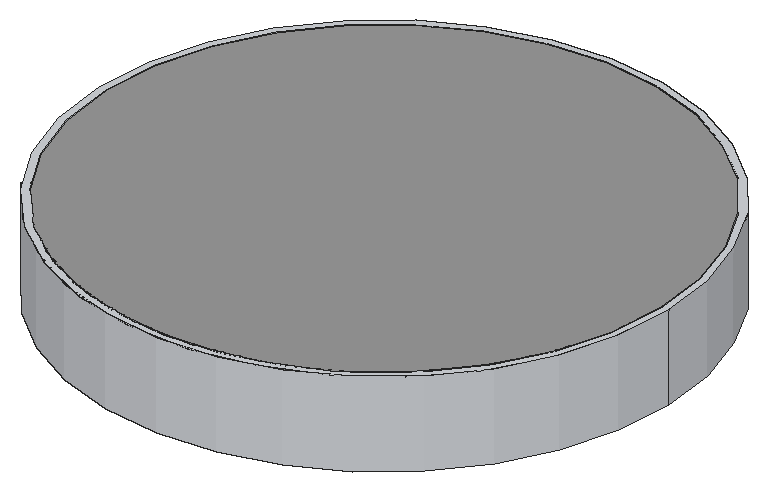
Revit family "2071111", category Lighting Fixtures, host Face, Revit 2018
Family settings
  Host = Face
  Round Connector Dimension = Use Diameter
  Part Type = Normal
  OmniClass Number = 23.80.70.00
  OmniClass Title = Lighting
  Cut with Voids When Loaded = No
  Light Source = Yes
  Shared = No
  Room Calculation Point = No
Parameters (values of type "2071111 COLOSSAL 400 840 OP DIR WHT")
  iner diameter = 390 mm
  Weight = "n/a"
  Wattage Comments = ""
  Wattage = 30 W
  WarrantyStartDate [instance] = "n/a"
  WarrantyGuarantorParts = "n/a"
  WarrantyDurationUnit = "n/a"
  WarrantyDurationParts = ""
  WarrantyDescription = "http://www.sylvania-lighting.com"
  built-in parameter 1150110 = 1 (stored number, unit not read)
  Voltage = 230 V
  URL = "0.95"
  TypeName = "COLOSSAL 400mm 840 OPAL DIR WHITE"
  Type Image = <None>
  Type Comments = "n/a"
  built-in parameter 1114217 = 1 (stored number, unit not read)
  Tilt Angle = -90.00°
  built-in parameter 1150109 = 1 (stored number, unit not read)
  built-in parameter 1150134 = (empty or 0)
  built-in parameter 1150113 = 1 (stored number, unit not read)
  SerialNumber [instance] = "n/a"
  Photometric Web File = "2071111.ies"
  Material_3_SYL = LED-Sylvania
  PowerFactor = 0
  PowerConsumption = "Lighting"
  NominalLength = 400 mm
  NominalHeight = 93 mm
  NominalDepth = 400 mm
  Name = "COLOSSAL 400mm 840 OPAL DIR WHITE"
  ModelReference = Name  # "COLOSSAL 400mm 840 OPAL DIR WHITE"
  ModelNumber = "2071111"
  Model = Name  # "COLOSSAL 400mm 840 OPAL DIR WHITE"
  Material = "Feilo Sylvania"
  ManufacturerName = "121 lm/W"
  Manufacturer = ""
  LuminousEfficacy = ""
  built-in parameter 1150105 = 270.44 (stored number, unit not read)
  Lumens = 3398.4 lm
  LuminaireType = "0"
  built-in parameter 1150115 = 1 (stored number, unit not read)
  LightOutputRatio = "LED"
  built-in parameter 1150137 = (empty or 0)
  built-in parameter 1150139 = (empty or 0)
  LampsType = Lamp  # "n/a"
  LampNominalLuminous = "4000 K"
  LampMacAdamStep = "80"
  LampColourTemperature = "LED"
  LampColourRenderingIndex = "16500"
  built-in parameter 1150112 = 1 (stored number, unit not read)
  built-in parameter 1150114 = 1 (stored number, unit not read)
  Lamp = "n/a"
  Keynote = "n/a"
  InstallationDate [instance] = "n/a"
  InputVoltage = "0"
  InputNominalFrequency = "4000"
  built-in parameter 1150132 = (empty or 0)
  built-in parameter 1150102 = (empty or 0)
  built-in parameter 1150107 = 3000 (stored number, unit not read)
  built-in parameter 1150138 = (empty or 0)
  IngressProtection = "IfcLightFixtureType"
  ImpactProtectionIndex = "IfcLightFixtureType"
  built-in parameter 1150106 = 2.7044 (stored number, unit not read)
  IfcExportType = "IfcLightFixtureType"
  IfcExportAs = "Class I"
  Emit from Circle Diameter = 385 mm
  Emit Shape Visible in Rendering = no
  ElectricShockClassification = "121"
  built-in parameter 1150104 = 10.524 (stored number, unit not read)
  DocumentationLiterature = "http://www.sylvania-lighting.com/product/en-int/products/2071111"
  DimmingControlOptions = "n/a"
  Material_2_SYL = Polycarbonate_Sylvania_White
  Dimming Lamp Color Temperature Shift = <None>
  Description = "400mm diameter circular architectural luminaire, can be surface mounted or suspended. Powder coated aluminium housing (RAL9016) with polycarbonate opal diffuser. Direct light distribution, 2580lm luminuous flux, 21W system power, 123lm/W luminiaire efficacy. Constant current driver. Colour rendering index Ra >80, 4000K Neutral White LED, chromaticity tolerance of 3-step MacAdam ellipse. IP40, IK03. 450mA drive current. Electrical protection Class1, 220-240V. Reported lifetime 66k hours L90B10."
  Default Elevation = 1219.2 mm
  CreatedOn = "22/03/2022"
  CreatedBy = "@sylvania-lighting.com"
  Cost = 0
  Color Filter = 16777215
  built-in parameter 1114216 [instance] = (empty or 0)
  ClassificationValue = "EF_70_80"
  ClassificationName = "Uniclass2015"
  Material_1_SYL = Polycarbonate_Sylvania_Opal
  BarCode [instance] = "n/a"
  built-in parameter 1114218 = 1 (stored number, unit not read)
  built-in parameter 1150133 = 10 (stored number, unit not read)
  AssetType = "Fixed"
  AssetIdentifier [instance] = "n/a"
  Assembly Code = "D5020200"
  Apparent Load = 21 VA
  Material_4_SYL = none
Reference planes
  plane 1 "Center (Front/Back)": y = 0
  plane 2: z = 0
  plane 3 "Center (Left/Right)": x = 0
  plane 4: x = -200
  plane 5: x = 200
  plane 6: y = 200
  plane 7: y = -200
  plane 8: y = 236
  plane 9: y = -236
  plane 10: z = 93
  plane 11: y = 195
  plane 12: y = -195
  plane 13: y = 90.5
  plane 14: y = 144.5
  plane 15: through (52.25, 90.5, 1219.2) normal (0.866, 0.5, 0)
  plane 16: through (52.25, 90.5, 1219.2) normal (0.866, 0.5, 0)
  plane 17: through (63.706, 126.657, 1219.2) normal (0.866, 0.5, 0)
  plane 18: through (-104.5, 0, 1219.2) normal (-0.866, 0.5, 0)
  plane 19: through (-142.394, -9.633, 1219.2) normal (-0.866, 0.5, 0)
  plane 20: y = -90.5
  plane 21: y = -118.5
  plane 22: through (85.371, -141.133, 1219.2) normal (-0.866, 0.5, 0)
  plane 23: through (52.25, -90.5, 1219.2) normal (-0.866, 0.5, 0)
  plane 24: through (-161.658, 0, 1219.2) normal (0.866, 0.5, 0)
  plane 25: through (-172.12, 9.121, 1219.2) normal (0.866, 0.5, 0)
  plane 26: through (-104.5, 0, 1219.2) normal (0.866, 0.5, 0)
Forms (mm)
  Extrusion 1, solid, detail levels medium+fine
    sketch origin (0, 0, 0) x (1, 0, 0) y (0, 1, 0)
      loop
        circle (0, 0) r 200
    from 33.023 to 93
  Extrusion 2, void
    sketch origin (0, 0, 0) x (1, 0, 0) y (0, 1, 0)
      loop
        circle (0, 0) r 195
    from 93 to 37.292
  Extrusion 3, solid, material "Glass, White, High Luminance", detail levels fine
    sketch origin (0, 0, 0) x (1, 0, 0) y (0, 1, 0)
      loop
        circle (0, 0) r 195
    from 88.026 to 93
  Extrusion 4, solid, detail levels coarse
    sketch origin (0, 0, 0) x (1, 0, 0) y (0, 1, 0)
      loop
        line (-200, 200) -> (-200, -200) -> (200, -200) -> (200, 200) -> (-200, 200)
    from 0 to 93
  Blend 5, solid, detail levels medium+fine
    base sketch origin (0, 0, 0) x (1, 0, 0) y (0, 1, 0)
      loop
        line (-52.25, 90.5) -> (-104.5, 0) -> (-52.25, -90.5) -> (52.25, -90.5) -> (104.5, 0) -> (52.25, 90.5) -> (-52.25, 90.5)
    top sketch origin (0, 0, 0) x (1, 0, 0) y (0, 1, 0)
      loop
        line (-53.405, 144.5) -> (-149.245, -21.5) -> (-93.242, -118.5) -> (98.438, -118.5) -> (151.843, -26) -> (53.405, 144.5) -> (-53.405, 144.5)
    from 0 to 33.023
Cuts and joins
  Extrusion 2 cuts Extrusion 1
Dimensions and locks
  "NominalDepth": plane 6 to plane 7
  "NominalLength": plane 4 to plane 5
  equal spacing: plane 4, plane 3 "Center (Left/Right)", plane 5
  "iner diameter": plane 11 to plane 12
  equal spacing: plane 11, plane 1 "Center (Front/Back)", plane 12
  equal spacing: plane 6, plane 1 "Center (Front/Back)", plane 7
  "NominalHeight": plane 10 to level
  plane 19 to plane 18 = 28 mm
  radius of Extrusion 2 sketch curve = 195 mm
  aligned and locked: plane 2 to host face
  aligned and locked: level to host face
Automatic sketch dimensions
  host sketch curve to host sketch curve = 2438.4 mm  (x2)
  plane 1 "Center (Front/Back)" to Extrusion 1 sketch curve = 0 mm
  Extrusion 1 sketch curve to plane 3 "Center (Left/Right)" = 0 mm
  plane 1 "Center (Front/Back)" to Extrusion 2 sketch curve = 0 mm
  Extrusion 2 sketch curve to plane 3 "Center (Left/Right)" = 0 mm
  plane 1 "Center (Front/Back)" to Extrusion 3 sketch curve = 0 mm
  Extrusion 3 sketch curve to plane 3 "Center (Left/Right)" = 0 mm
  Extrusion 4 sketch curve to plane 4 = 0 mm
  Extrusion 4 sketch curve to plane 5 = 0 mm
  Extrusion 4 sketch curve to plane 7 = 0 mm
  Extrusion 4 sketch curve to plane 6 = 0 mm
  Blend 5 sketch curve to plane 19 = 0 mm  (x2)
  Blend 5 sketch curve to plane 24 = 0 mm  (x2)
  Blend 5 sketch curve to plane 21 = 0 mm
  Blend 5 sketch curve to plane 14 = 0 mm
  Blend 5 sketch curve to plane 17 = 0 mm  (x2)
  Blend 5 sketch curve to plane 22 = 0 mm  (x2)
  radius of Extrusion 1 sketch curve = 200 mm
  radius of Extrusion 3 sketch curve = 195 mm
Connectors
  electrical at (0, 0, 0), driven by "Apparent Load", driven by "PowerFactor", driven by "Voltage"
    settings: index 1, voltage 230 V, apparent load 21 VA, apparent load phase1 0 VA, apparent load phase2 0 VA, apparent load phase3 0 VA, power factor 0, load classification "Lighting", number of poles 1, system type 30, power factor state 1, is connector primary yes, connector utility no, sub classification motor no, connector description ""
